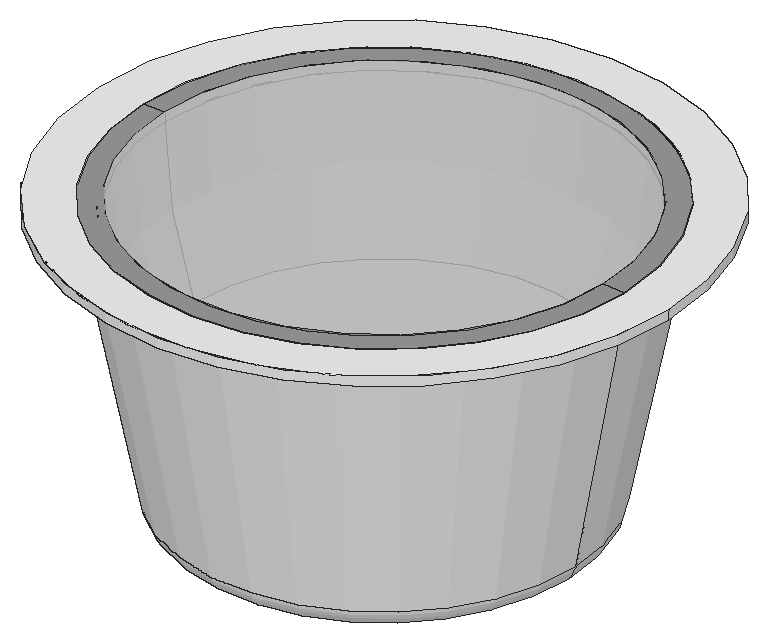
Revit family "2060562 Sylvania Lighting Fixture ASCENT 100 II ARCH 2700 3K DALI 160", category Lighting Fixtures, host Face, Revit 2016
Family settings
  Host = Face
  Part Type = Normal
  Round Connector Dimension = Use Diameter
  OmniClass Number = 23.80.70.11.17
  OmniClass Title = Specialized Lighting by Location or Use
  Cut with Voids When Loaded = No
  Light Source = Yes
  Shared = No
  Room Calculation Point = No
Parameters (values of type "2060562 ASCT100 II ARCH 2700 3K DALI 160")
  WidthBezelAcc_SYL = 25.0 mm
  Weight = "1.2 kg"
  Wattage = 21 W
  WarrantyStartDate [instance] = "n/a"
  WarrantyGuarantorParts = "n/a"
  WarrantyDurationUnit = "n/a"
  WarrantyDurationParts = "n/a"
  WarrantyDescription = "n/a"
  built-in parameter 1150110 = 1 (stored number, unit not read)
  Voltage = 0 V
  VisibilityAccessory_SYL = no
  TypeName = "ASCENT 100 II ARCH 2700 3K DALI 160"
  built-in parameter 1114217 = 1 (stored number, unit not read)
  Tilt Angle = -90°
  built-in parameter 1150109 = 1 (stored number, unit not read)
  built-in parameter 1150134 = (empty or 0)
  built-in parameter 1150113 = 1 (stored number, unit not read)
  SerialNumber [instance] = "n/a"
  ReflectorRadius_SYL = Radius_SYL - 14.5 mm  # 80.0 mm
  RadiusAcc_SYL = 105.0 mm
  Radius_SYL = 94.5 mm
  URL = "http://www.sylvania-lighting.com"
  PowerFactor = 0
  PowerConsumption = "21 W"
  Photometric Web File = "2060562.ies"
  NominalWidth = 0.0 mm
  NominalLength = 0.0 mm
  NominalHeight = 94.0 mm
  Name = "ASCENT 100 II ARCH 2700 3K DALI 160"
  ModelReference = "ASCENT 100 II ARCH 2700 3K DALI 160"
  ModelNumber = "2060562"
  Material_4_SYL = none
  Material_3_SYL = Polycarbonate_Sylvania_Ascent_Opal
  Material_2_SYL = Aluminium_Sylvania_Ascent_Silver
  Material_1_SYL = Aluminum_Sylvania_Ascent_White
  Material = "aluminium housing, arcylic diffuser"
  ManufacturerName = "Feilo Sylvania"
  LuminousEfficacy = "126 lm/W"
  built-in parameter 1150105 = 210.56 (stored number, unit not read)
  Lumens = 2646 lm
  LuminaireType = ""
  built-in parameter 1150115 = 1 (stored number, unit not read)
  LightOutputRatio = "100"
  built-in parameter 1150137 = (empty or 0)
  built-in parameter 1150139 = (empty or 0)
  LampsType = Lamp  # "LED"
  LampNominalLuminous = "2649 lm"
  LampMacAdamStep = "3"
  LampColourTemperature = "3000 K"
  LampColourRenderingIndex = "80"
  built-in parameter 1150112 = 1 (stored number, unit not read)
  built-in parameter 1150114 = 1 (stored number, unit not read)
  Keynote = "16500"
  InstallationDate [instance] = "n/a"
  InputVoltage = "n/a"
  InputNominalFrequency = "n/a"
  built-in parameter 1150132 = (empty or 0)
  built-in parameter 1150102 = (empty or 0)
  built-in parameter 1150107 = 3000 (stored number, unit not read)
  built-in parameter 1150138 = (empty or 0)
  IngressProtection = "IP40"
  ImpactProtectionIndex = "IK02"
  built-in parameter 1150106 = 2.1056 (stored number, unit not read)
  IfcExportType = "IfcLightFixtureType"
  IfcExportAs = "IfcLightFixtureType"
  Height_SYL = 94.0 mm
  HeightAcc_SYL = 7.0 mm
  ExpectedLife = 50000
  EmittionSurface_SYL = if(VisibilityAccessory_SYL, 7.0 mm, 3.0 mm)  # 3.0 mm
  Emit from Circle Diameter = DiffuserRadius_SYL * 2  # 146.0 mm
  Emit Shape Visible in Rendering = no
  ElectricShockClassification = "Class II"
  built-in parameter 1150104 = 11.706 (stored number, unit not read)
  DurationUnit = "hours"
  DocumentationLiterature = "http://www.sylvania-lighting.com/product/en-int/products/2060562"
  DimmingControlOptions = "n/a"
  Dimming Lamp Color Temperature Shift = <None>
  DiffuserRadius_SYL = ReflectorRadius_SYL - 7.0 mm  # 73.0 mm
  Diameter_SYL = 2 * Radius_SYL  # 189.0 mm
  CutoutDiameter_SYL = Diameter_SYL - 13.0 mm  # 176.0 mm
  CreatedOn = "9/17/2018"
  CreatedBy = "@sylvania-lighting.com"
  Color Filter = 16777215
  built-in parameter 1114216 [instance] = 1 (stored number, unit not read)
  Model = "ASCENT 100 II ARCH 2700 3K DALI 160"
  Manufacturer = "Feilo Sylvania"
  Lamp = "LED"
  Description = "Direct LED retro fit for original LED 100 Arch (160) single CFL lamp offering Matching lumen levels and improved light distribution of original LED 100 CFL lamp equivalents Typically half the power consumption compared to CFL Up to 112lm/W 160mm aperture Architectural reflector accepts range of glass accessories from existing LED 100 Arch 160 offering HE, HO and VHO versions equivalent of single 1 x 18W, 1 x 32W, 1 x 42W\r\n Additional VVHO versions which offer the performance circa 2 x 32W equivalent"  # constant formula
  Default Elevation = 0.0 mm
  built-in parameter 1140040 [instance] = 1
  BarCode [instance] = "n/a"
  built-in parameter 1114218 = 1 (stored number, unit not read)
  built-in parameter 1150133 = 10 (stored number, unit not read)
  AssetType = "Fixed"
  AssetIdentifier [instance] = "n/a"
  Assembly Code = "D5020200"
  Apparent Load = 21 VA
  Aperture_SYL = 2 * ReflectorRadius_SYL  # 160.0 mm
Reference planes
  plane 1 "Center (Front/Back)": y = 0
  plane 2: z = 0
  plane 3 "Center (Left/Right)": x = 0
  plane 4 "Fixture Bottom": z = 3
  plane 5: z = -52.5
  plane 6 "Fixture Top": z = -91
  plane 7: x = -105
  plane 8: z = 7
  plane 9: x = -80
  plane 10: z = 5
  plane 11: x = -103
Forms (mm)
  Extrusion 1, solid, material "Aluminum_Sylvania_Ascent_White", detail levels fine
    sketch origin (0, 0, 0) x (1, 0, 0) y (0, 1, 0)
      loop
        circle (0, 0) r 94.5
      loop
        circle (0, 0) r 80
    from 0 to 3
  Extrusion 2, void
    sketch origin (0, 0, 0) x (1, 0, 0) y (0, 1, 0)
      loop
        circle (0, 0) r 88
    from -91 to 3
  Revolve 3, solid, material "Aluminum_Sylvania_Ascent_White" <- "Material_1_SYL", detail levels fine
    sketch origin (0, 0, 0) x (1, 0, 0) y (0, 0, 1)
      loop
        line (0, -91.073) -> (0, -89.023) -> (-55.468, -89.014)
        arc (-55.468, -89.014) -> (-59.352, -87.613) -> (-61.54, -84.139) r 6.307
        line (-61.54, -84.139) -> (-77.991, -2.844) -> (-77.991, 0) -> (-80, 0) -> (-80, -3) -> (-63.5, -84.536)
        arc (-63.5, -84.536) -> (-60.643, -89.203) -> (-55.5, -91.073) r 8.291
        line (-55.5, -91.073) -> (0, -91.073)
      axis (0, 0) -> (0, -91.073)
    angle from 0 to 360
  Revolve 4, solid, material "Aluminium_Sylvania_Ascent_Silver" <- "Material_2_SYL", detail levels fine
    sketch origin (0, 0, 0) x (1, 0, 0) y (0, 0, 1)
      loop
        line (-80, 3) -> (-80, 0) -> (-75, 0)
        arc (-75, 0) -> (-72.349, -26.77) -> (-64.5, -52.5) r 136.5
        line (-64.5, -52.5) -> (-58, -52.5)
        arc (-58, -52.5) -> (-56.857, -61.521) -> (-53.5, -69.971) r 36.166
        line (-53.5, -69.971) -> (0, -69.971) -> (0, -50.5) -> (-63.16, -50.5)
        arc (-63.16, -50.5) -> (-70.517, -25.725) -> (-73, 0) r 134.5
        line (-73, 0) -> (-73, 3) -> (-80, 3)
      axis (0, 3) -> (0, -69.971)
    angle from 0 to 360
  Extrusion 5, solid, material "Polycarbonate_Sylvania_Ascent_Opal" <- "Material_3_SYL", detail levels fine
    sketch origin (0, 0, 0) x (1, 0, 0) y (0, 1, 0)
      loop
        circle (0, 0) r 73
    from 0 to 3
  Revolve 6, solid, material "Aluminum_Sylvania_Ascent_White" <- "Material_1_SYL", detail levels coarse+medium
    sketch origin (0, 0, 0) x (1, 0, 0) y (0, 0, 1)
      loop
        line (0, -91.073) -> (0, 3) -> (-94.5, 3) -> (-94.5, 0) -> (-79.5, 0) -> (-79.5, -3) -> (-63, -84.536)
        arc (-63, -84.536) -> (-60.143, -89.203) -> (-55, -91.073) r 8.291
        line (-55, -91.073) -> (0, -91.073)
      axis (0, 3) -> (0, -91.073)
    angle from 0 to 360
  Revolve 7, solid, material "Aluminum_Sylvania_Ascent_White" <- "Material_1_SYL", visible <- "VisibilityAccessory_SYL"
    sketch origin (0, 0, 0) x (1, 0, 0) y (0, 0, 1)
      loop
        line (-105, 0) -> (-103, 0) -> (-103, 5) -> (-80, 5) -> (-80, 7) -> (-105, 7) -> (-105, 0)
      axis (0, 7) -> (0, 0)
    angle from 0 to 360
  Revolve 8, solid, material "Polycarbonate_Sylvania_Ascent_Opal" <- "Material_3_SYL", visible <- "VisibilityAccessory_SYL"
    sketch origin (0, 0, 0) x (1, 0, 0) y (0, 0, 1)
      loop
        line (-80, 7) -> (-80, 5) -> (0, 5) -> (0, 7) -> (-80, 7)
      axis (0, 7) -> (0, 5)
    angle from 0 to 360
Lines and regions (mm)
  reference lines
    curve 1: line (-150, 0, 3) -> (125, 0, 3)
Dimensions and locks
  locked: plane 4 "Fixture Bottom" to plane 2 at 3
  "Height_SYL": plane 4 "Fixture Bottom" to plane 6 "Fixture Top"
  "ReflectorRadius_SYL": plane 3 "Center (Left/Right)" to Revolve 4 sketch curve
  locked: Revolve 4 sketch curve to Revolve 4 sketch curve at 15.5
  locked: Revolve 4 sketch curve to Revolve 4 sketch curve at 5
  locked: Revolve 4 sketch curve to Revolve 4 sketch curve at 7
  locked: Revolve 4 sketch curve to Revolve 4 sketch curve at 22
  locked: Revolve 4 sketch curve to Revolve 4 sketch curve at 26.5
  locked: Revolve 3 sketch curve to Revolve 3 sketch curve at 16.5
  locked: Revolve 3 sketch curve to Revolve 3 sketch curve at 24.5
  "ReflectorRadius_SYL": Revolve 3 sketch curve to plane 3 "Center (Left/Right)"
  locked: Revolve 3 sketch curve to plane 6 "Fixture Top" at 6.464
  locked: plane 2 to Revolve 3 sketch curve at 3
  locked: Revolve 3 sketch curve to Revolve 3 sketch curve at 2
  locked: Revolve 3 sketch curve to Revolve 3 sketch curve at 2.009
  locked: plane 2 to plane 5 at 52.5
  locked: Revolve 6 sketch curve to Revolve 6 sketch curve at 31.5
  locked: Revolve 6 sketch curve to Revolve 6 sketch curve at 39.5
  locked: Revolve 6 sketch curve to Revolve 6 sketch curve at 15
  "Radius_SYL": plane 3 "Center (Left/Right)" to Revolve 6 sketch curve
  "RadiusAcc_SYL": plane 3 "Center (Left/Right)" to plane 7
  "HeightAcc_SYL": plane 8 to level
  "WidthBezelAcc_SYL": plane 7 to plane 9
  locked: plane 7 to plane 11 at 2
  locked: plane 8 to plane 10 at 2
  "EmittionSurface_SYL": curve 1 to level
  "CutoutDiameter_SYL": diameter of Extrusion 2 sketch curve
  "ReflectorRadius_SYL": radius of Extrusion 1 sketch curve
  "DiffuserRadius_SYL": radius of Extrusion 5 sketch curve
  "Radius_SYL": radius of Extrusion 1 sketch curve
  aligned and locked: host face to plane 2
  aligned and locked: host face to level
  aligned and locked: plane 4 "Fixture Bottom" to Extrusion 1
  aligned and locked: Extrusion 1 to plane 2
  aligned and locked: Revolve 3 sketch curve to plane 3 "Center (Left/Right)"
  aligned and locked: Revolve 4 sketch curve to plane 3 "Center (Left/Right)"  (x2)
  aligned and locked: plane 4 "Fixture Bottom" to Revolve 4 sketch curve
  aligned and locked: Extrusion 5 to plane 2
  aligned and locked: plane 2 to Revolve 3 sketch curve  (x2)
  aligned and locked: Revolve 6 sketch curve to plane 3 "Center (Left/Right)"
  aligned and locked: plane 6 "Fixture Top" to Extrusion 2
  aligned and locked: Revolve 7 sketch curve to plane 3 "Center (Left/Right)"
  aligned and locked: host face to Revolve 7 sketch curve  (x2)
  aligned and locked: Revolve 7 sketch curve to plane 7
  aligned and locked: plane 8 to Revolve 7 sketch curve
  aligned and locked: plane 9 to Revolve 7 sketch curve
  aligned and locked: Revolve 7 sketch curve to plane 10
  aligned and locked: plane 11 to Revolve 7 sketch curve
  aligned and locked: Revolve 7 to Revolve 8 sketch curve
  aligned and locked: Revolve 8 sketch curve to Revolve 7  (x2)
  aligned and locked: Revolve 8 sketch curve to plane 3 "Center (Left/Right)"  (x2)
  aligned and locked: plane 3 "Center (Left/Right)" to imposter light
  aligned and locked: imposter light to plane 1 "Center (Front/Back)"
  aligned and locked: imposter light to curve 1
Automatic sketch dimensions
  plane 1 "Center (Front/Back)" to Extrusion 2 sketch curve = 0.0 mm
  Extrusion 2 sketch curve to plane 3 "Center (Left/Right)" = 0.0 mm
  Extrusion 1 sketch curve to Extrusion 1 sketch curve = 0.0 mm  (x2)
  plane 1 "Center (Front/Back)" to Extrusion 1 sketch curve = 0.0 mm
  Extrusion 1 sketch curve to plane 3 "Center (Left/Right)" = 0.0 mm
  plane 6 "Fixture Top" to Revolve 3 sketch curve = 0.073 mm
  Revolve 3 sketch curve to plane 6 "Fixture Top" = 6.861 mm
  Revolve 3 sketch curve to Revolve 3 sketch curve = 0.003 mm
  Revolve 3 sketch curve to Revolve 3 sketch curve = 0.009 mm  (x2)
  Revolve 3 sketch curve to Revolve 3 sketch curve = 0.023 mm
  Revolve 3 sketch curve to Revolve 3 sketch curve = 0.072 mm
  Revolve 3 sketch curve to Revolve 3 sketch curve = 0.008 mm
  Revolve 3 sketch curve to plane 6 "Fixture Top" = 1.977 mm
  Revolve 3 sketch curve to Revolve 3 sketch curve = 33.496 mm
  Revolve 3 sketch curve to Revolve 3 sketch curve = 0.028 mm
  plane 4 "Fixture Bottom" to Revolve 3 sketch curve = 82.431 mm
  Revolve 4 sketch curve to Revolve 4 sketch curve = 0.0 mm  (x2)
  Revolve 4 sketch curve to plane 5 = 0.0 mm
  Revolve 4 sketch curve to level = 0.0 mm
  plane 5 to Revolve 4 sketch curve = 2.0 mm
  plane 4 "Fixture Bottom" to Revolve 4 sketch curve = 9.642 mm
  plane 1 "Center (Front/Back)" to Extrusion 5 sketch curve = 0.0 mm
  Extrusion 5 sketch curve to plane 3 "Center (Left/Right)" = 0.0 mm
  Revolve 4 sketch curve to level = 69.971 mm
  Revolve 4 sketch curve to Revolve 4 sketch curve = 2.387 mm
  Revolve 6 sketch curve to level = 0.0 mm
  Revolve 6 sketch curve to plane 3 "Center (Left/Right)" = 0.0 mm
  Revolve 6 sketch curve to Revolve 6 sketch curve = 8.104 mm
  Revolve 6 sketch curve to level = 3.0 mm
  Revolve 6 sketch curve to plane 6 "Fixture Top" = 6.464 mm
  plane 6 "Fixture Top" to Revolve 6 sketch curve = 0.073 mm
  Revolve 6 sketch curve to Revolve 6 sketch curve = 33.496 mm
  plane 4 "Fixture Bottom" to Revolve 6 sketch curve = 82.431 mm
  host sketch curve to host sketch curve = 1704.996 mm
  host sketch curve to host sketch curve = 1500.0 mm
  plane 6 "Fixture Top" to Revolve 7 sketch curve = 281.274 mm
  Revolve 7 sketch curve to plane 8 = 1140.706 mm
  plane 6 "Fixture Top" to Revolve 8 sketch curve = 281.274 mm
  Revolve 8 sketch curve to Revolve 8 sketch curve = 1140.706 mm
  Revolve 3 sketch curve to plane 3 "Center (Left/Right)" = 0.0 mm
  Revolve 6 sketch curve to plane 4 "Fixture Bottom" = 0.0 mm
  plane 7 to curve 1 = 45.0 mm
  plane 3 "Center (Left/Right)" to curve 1 = 125.0 mm
Connectors
  electrical at (0, 0, -91.073), driven by "Apparent Load"
    settings: on Revolve 3, index 1, voltage 240 V, apparent load 0 VA, apparent load phase1 21 VA, apparent load phase2 0 VA, apparent load phase3 0 VA, power factor 1, load classification "Lighting", number of poles 1, system type 31, power factor state 1, is connector primary yes, connector utility no, sub classification motor no, connector description ""
